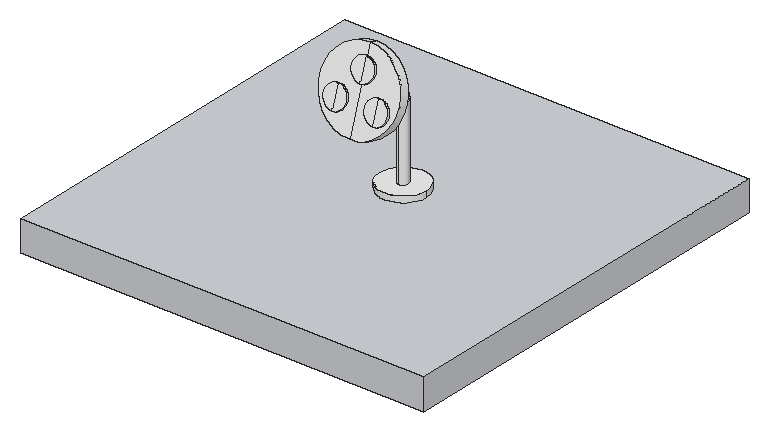
Revit family
Parameters (values of type "TS100A")
  ecoScorecard_data = ""
  ecoScorecard Product Page = ""
  Width = 6 13/16"  # constant formula
  Waste Connection = no
  Warranty URL = "http://www.totousa.com/Support/WarrantyInformation.aspx"
  Warranty = "Lifetime Limited Warranty (Residential Use); One Year Limited (Commercial Use)"  # constant formula
  WFU = 0
  Vent Connection = no
  URL = "http://www.totousa.com"
  Toto BIM Number = "BM-00108"  # constant formula
  Tempered Water Connection Diamater = Tempered Water Connection NPT * 2  # 1"
  Tempered Water Connection NPT = 1/2"
  Subcategory = "Showers"  # constant formula
  Style = "Contemporary"  # constant formula
  Spec Sheet URL = "http://www.totousa.com/Portals/0/ProductDownloads/SS-00115_TS100A.pdf"
  Shipping Weight = 8.00 lbf
  Series = "Trilogy"  # constant formula
  Product Page URL = "http://www.totousa.com/ProductDetail.aspx?ProductID=453"
  Parts Manual URL = "http://www.totousa.com/Portals/0/ProductDownloads/SS-00115_TS100A.pdf"
  Owners Manual URL = "http://www.totousa.com/Portals/0/ProductDownloads/0GU4102_SHOWERHEAD_WITH_ARM_PRNT_IM_OM.pdf"
  Model = "TS100AL"  # constant formula
  Manufacturer Toll Free Phone = "1-888-295-8134"  # constant formula
  Manufacturer Phone = "(770) 282-8686"  # constant formula
  Manufacturer Fax = "(770) 282-0002"  # constant formula
  Manufacturer Email = "mailto:custservice@totousa.com"
  Manufacturer Address = "1155 Southern Road, Morrow, Georgia 30260"  # constant formula
  Manufacturer = "TOTO USA, Inc."  # constant formula
  Installation URL = "http://www.totousa.com/Portals/0/ProductDownloads/SS-00115_TS100A.pdf"
  Hot Water Connector = "Hot Water Connection"  # constant formula
  Hot Water Connection Radius = 1/2"  # constant formula
  Hot Water Connection Diameter = Hot Water Connection Radius * 2  # 1"
  Height = 7 3/4"  # constant formula
  HWFU = 0
  HW Connection = yes
  Flow Rate = 1.750 GPM
  Finish = Metal - TOTO - Chrome - Polished
  Description = "Head Shower with Swivel Head and Rubber Nozzels"  # constant formula
  Depth = 12 3/4"  # constant formula
  Default Elevation = 0"
  Cost Info = "mailto:custservice@totousa.com"
  Color Availability = "#CP Polished Chrome"  # constant formula
  Cold Water Connector = "Cold Water Connection"  # constant formula
  Cold Water Connection Radius = 1/2"  # constant formula
  Cold Water Connection Diameter = Cold Water Connection Radius * 2  # 1"
  CWFU = 0
  CW Connection = yes
  CAD Drawing URL = "http://www.totousa.com/Portals/0/ProductDownloads/AD-00054_TS100A_AL.dxf"
  Assembly Code = "D2010710"
  95 CSI = "15416"  # constant formula
  04 CSI = "22 41 39"  # constant formula
Reference planes (in)
  plane 1 "Center (Front/Back)": y = 0
  plane 2: z = 0
  plane 3 "Center (Left/Right)": x = 0
  plane 4: x = 3.40625
  plane 5: x = -3.40625
  plane 6: y = 3.875
  plane 7: y = -3.875
  plane 8: z = 0.3937
  plane 9: y = 1.03937
  plane 10: z = 0.27559
  plane 11: x = 2.14961
  plane 12: x = -2.14961
  plane 13: z = -0.125
  plane 14: z = 12.75
Forms (in)
  Extrusion 1, solid
    sketch origin (0, 0, 0) x (1, 0, 0) y (0, 1, 0)
      loop
        line (-17.32283, 17.32283) -> (-17.32283, -17.41719) -> (17.17671, -17.41719) -> (17.17671, 17.32283) -> (-17.32283, 17.32283)
    from 0 to -2.61403
Dimensions and locks (in)
  equal spacing: plane 5, plane 3 "Center (Left/Right)", plane 4
  equal spacing: plane 7, plane 1 "Center (Front/Back)", plane 6
  "Height": plane 7 to plane 6
  "Width": plane 5 to plane 4
  locked: plane 8 to plane 2 at 0.3937
  locked: plane 1 "Center (Front/Back)" to plane 9 at 1.03937
  locked: plane 8 to plane 10 at 0.11811
  plane 12 to plane 3 "Center (Left/Right)" to plane 11 = 2.14961" locked, 2.14961" locked
  locked: plane 2 to plane 13 at 0.125
  "Depth": plane 14 to plane 2
  aligned and locked: plane 2 to Extrusion 1
  aligned and locked: level to Extrusion 1
  aligned and locked: plane 3 "Center (Left/Right)" to nested 1
  aligned and locked: nested 1 to plane 6
Automatic sketch dimensions
  Extrusion 1 sketch curve to Extrusion 1 sketch curve = 34.49954"
  Extrusion 1 sketch curve to Extrusion 1 sketch curve = 34.74002"
Nested families (in)
  nested 1: "TS100A" at (0, 1.87303, 0), type "TS100A"
Connectors (in)
  piping at (0, 2.87303, -0.25), driven by "Cold Water Connection Radius", driven by "CWFU", driven by "CW Connection", driven by "CW Connection", driven by "Cold Water Connector"
    settings: on nested 1, index 1, connector radius 1/2", flow factor 0, pipe flow 0.000 GPM, pressure drop 0.00 psi, fitting loss kfactor 0, connector angle 0.00°, fixture units 0, flow configuration 3, flow direction 1, fitting loss method 0, system type 20, connector reference index -1, connector utility 1, adjustable connector yes, is connector primary yes, fitting loss table "", connector description "Cold Water Connection"
  piping at (0, 0.87303, -0.25), driven by "HW Connection", driven by "HW Connection", driven by "HWFU", driven by "Hot Water Connector", driven by "Hot Water Connection Radius"
    settings: on nested 1, index 2, connector radius 1/2", flow factor 0, pipe flow 0.000 GPM, pressure drop 0.00 psi, fitting loss kfactor 0, connector angle 0.00°, fixture units 0, flow configuration 3, flow direction 1, fitting loss method 0, system type 19, connector reference index -1, connector utility 1, adjustable connector yes, is connector primary no, fitting loss table "", connector description "Hot Water Connection"
Definition of nested family "TS100A"
  Parameters (values of type "TS100A")
    Waste Connection = no
    WFU = 0
    Vent Connection = yes
    URL = ""
    Showerhead Material = Metal - TOTO - Chrome - Polished
    Nominal Width = 6 13/16"
    Nominal Length = 12 3/4"
    Nominal Height = 7 3/4"
    Model = ""
    Manufacturer = ""
    HWFU = 0
    HW Connection = yes
    Description = ""
    Default Elevation = 0"
    CWFU = 0
    CW Connection = yes
    Assembly Code = ""
  Reference planes (in)
    plane 1 "Center (Front/Back)": y = 0
    plane 2: z = 0
    plane 3 "Center (Left/Right)": x = 0
    plane 4: y = -4.25
    plane 5: z = 9.375
    plane 6: z = 7.5
    plane 7: z = 12.75
    plane 8: y = -5.74803
    plane 9: y = 0.42775
    plane 10: x = -3.40625
    plane 11: x = 3.40625
    plane 12: y = 2.00197
  Forms (in)
    Extrusion 1, solid
      sketch origin (0, 0, 0) x (1, 0, 0) y (0, 1, 0)
        loop
          line (-48, 48) -> (-48, -48) -> (48, -48) -> (48, 48) -> (-48, 48)
      from 0 to -12
    Extrusion 2, solid, material "Metal - TOTO - Chrome - Polished" <- "Showerhead Material"
      sketch origin (0, 0, 0) x (1, 0, 0) y (0, 1, 0)
        loop
          circle (0, 0) r 2
      from 0 to 0.5
    Sweep 3, solid, material "Metal - TOTO - Chrome - Polished" <- "Showerhead Material", detail levels fine
      path origin (0, 0, 0) x (0, 1, 0) y (0, 0, 1)
        loop
          line (0, 0.5) -> (0, 6.85567)
          arc (0, 6.85567) -> (-0.28052, 7.72909) -> (-1.01715, 8.27583) r 1.5
          line (-1.01715, 8.27583) -> (-1.9699, 8.59977)
      profile origin (0, 0, 3.67784) x (0, -1, 0) y (1, 0, 0)
        loop
          circle (0, 0) r 0.42
    Extrusion 4, solid, material "Metal - TOTO - Chrome - Polished" <- "Showerhead Material"
      sketch origin (0, 0, 0) x (1, 0, 0) y (0, 1, 0)
        loop
          circle (0, 1) r 0.5
        loop
          circle (0, -1) r 0.5
      from 0 to -0.25
    Revolve 5, solid, material "Metal - TOTO - Chrome - Polished" <- "Showerhead Material"
      sketch origin (0, 0, 0.01677) x (0, 1, 0) y (0, 0, 1)
        loop
          line (-3.55185, 12.73323) -> (-4.65279, 9.49518) -> (-3.86874, 9.22861) -> (-2.76781, 12.46666) -> (-3.55185, 12.73323)
        axis (-4.65279, 9.49518) -> (-3.86874, 9.22861)
      angle from 0 to 360
    Revolve 6, solid, material "Metal - TOTO - Chrome - Polished" <- "Showerhead Material", detail levels fine
      sketch origin (0, 0.2125, 0.58777) x (0, 1, 0) y (0, 0, 1)
        loop
          line (-4.38186, 10.34603) -> (-4.05996, 11.2928) -> (-4.17831, 11.33304) -> (-4.50021, 10.38627) -> (-4.38186, 10.34603)
        axis (-4.50021, 10.38627) -> (-4.38186, 10.34603)
      angle from 0 to 360
    Revolve 7, solid, material "Metal - TOTO - Chrome - Polished" <- "Showerhead Material", detail levels fine
      sketch origin (-1.75, -0.62576, -1.7527) x (0, 1, 0) y (0, 0, 1)
        loop
          line (-4.34377, 10.33308) -> (-4.02186, 11.27985) -> (-4.14021, 11.32009) -> (-4.46211, 10.37331) -> (-4.34377, 10.33308)
        axis (-4.46211, 10.37331) -> (-4.34377, 10.33308)
      angle from 0 to 360
    Revolve 8, solid, material "Metal - TOTO - Chrome - Polished" <- "Showerhead Material", detail levels fine
      sketch origin (1.75, -0.62576, -1.7527) x (0, 1, 0) y (0, 0, -1)
        loop
          line (-4.34377, -10.33308) -> (-4.46211, -10.37331) -> (-4.14021, -11.32009) -> (-4.02186, -11.27985) -> (-4.34377, -10.33308)
        axis (-4.46211, -10.37331) -> (-4.34377, -10.33308)
      angle from 0 to 360
    Extrusion 9, solid, material "Metal - TOTO - Chrome - Polished" <- "Showerhead Material", detail levels coarse+medium
      sketch origin (0, 0, 0) x (0, 1, 0) y (0, 0, 1)
        loop
          line (-3.62817, 9.95293) -> (-4.11103, 8.53278) -> (-0.75, 7.39003) -> (-0.75, 0.5) -> (0.75, 0.5) -> (0.75, 8.46436) -> (-3.62817, 9.95293)
      from 0.83051 to -0.82396
    Revolve 10, solid, material "Metal - TOTO - Chrome - Polished" <- "Showerhead Material", detail levels fine
      sketch origin (0, 0, 0) x (0, 1, 0) y (0, 0, 1)
        loop
          line (-1.80981, 9.07064) -> (-2.18704, 9.19889) -> (-2.25263, 9.17928)
          arc (-2.25263, 9.17928) -> (-2.24804, 9.28666) -> (-2.22302, 9.39119) r 0.55975
          line (-2.22302, 9.39119) -> (-2.22302, 9.47518) -> (-3.43956, 9.88881) -> (-3.50369, 9.70019) -> (-3.65222, 9.70019) -> (-3.70769, 9.71905) -> (-3.86874, 9.24537) -> (-1.9699, 8.59977) -> (-1.80981, 9.07064)
        axis (-1.9699, 8.59977) -> (-3.86874, 9.24537)
      angle from 0 to 360
  Lines and regions (in)
    symbolic lines
      curve 1: arc (0.83051, -1.81941, 0) -> (-0.0036, 2, 0) -> (-0.82396, -1.82239, 0) r 2
      curve 16: spline (-3.40359, -3.86874, 0) -> (-3.28762, -3.58518, 0) -> (-2.9476, -3.32093, 0) -> (-2.4067, -3.09402, 0) -> (-1.70179, -2.91991, 0) -> (-0.88091, -2.81045, 0) -> (0, -2.77312, 0) -> (0.88091, -2.81045, 0) -> (1.70179, -2.91991, 0) -> (2.4067, -3.09402, 0) -> (2.9476, -3.32093, 0) -> (3.28762, -3.58518, 0) -> (3.40359, -3.86874, 0)
      curve 17: spline (3.40359, -4.65279, 0) -> (3.28762, -4.93636, 0) -> (2.9476, -5.2006, 0) -> (2.4067, -5.42751, 0) -> (1.70179, -5.60163, 0) -> (0.88091, -5.71108, 0) -> (0, -5.74842, 0) -> (-0.88091, -5.71108, 0) -> (-1.70179, -5.60163, 0) -> (-2.4067, -5.42751, 0) -> (-2.9476, -5.2006, 0) -> (-3.28762, -4.93636, 0) -> (-3.40359, -4.65279, 0)
      curve 18: line (-3.40359, -4.65279, 0) -> (-3.40359, -3.86874, 0)
      curve 19: line (3.40359, -4.65279, 0) -> (3.40359, -3.86874, 0)
      curve 20: spline (-3.40359, -4.65279, 0) -> (-3.28762, -4.36922, 0) -> (-2.9476, -4.10498, 0) -> (-2.4067, -3.87807, 0) -> (-1.70179, -3.70395, 0) -> (-0.88091, -3.5945, 0) -> (0, -3.55717, 0) -> (0.88091, -3.5945, 0) -> (1.70179, -3.70395, 0) -> (2.4067, -3.87807, 0) -> (2.9476, -4.10498, 0) -> (3.28762, -4.36922, 0) -> (3.40359, -4.65279, 0)
      curve 33: spline (-0.82396, 0, 6.1188) -> (-2.26305, 0, 6.84147) -> (-3.1847, 0, 8.11679) -> (-3.37818, 0, 9.65317) -> (-2.79926, 0, 11.09931) -> (-1.58029, 0, 12.12457) -> (0, 0, 12.49452) -> (1.58029, 0, 12.12457) -> (2.79926, 0, 11.09931) -> (3.37818, 0, 9.65317) -> (3.1847, 0, 8.11679) -> (2.26305, 0, 6.84147) -> (0.82396, 0, 6.1188)
      curve 34: spline (-3.40359, 0, 9.51195) -> (-3.28762, 0, 10.34597) -> (-2.9476, 0, 11.12316) -> (-2.4067, 0, 11.79055) -> (-1.70179, 0, 12.30265) -> (-0.88091, 0, 12.62457) -> (0, 0, 12.73437) -> (0.88091, 0, 12.62457) -> (1.70179, 0, 12.30265) -> (2.4067, 0, 11.79055) -> (2.9476, 0, 11.12316) -> (3.28762, 0, 10.34597) -> (3.40359, 0, 9.51195)
      curve 41: line (2, 0, 0.5) -> (-2, 0, 0.5)
      curve 42: line (-2, 0, 0.5) -> (-2, 0, 0)
      curve 43: line (2, 0, 0.5) -> (2, 0, 0)
      curve 44: line (2, 0, 0) -> (-2, 0, 0)
      curve 54: line (0, 2.00197, 0.5) -> (0, -2, 0.5)
      curve 55: line (0, 2.00197, 0.5) -> (0, 2.00197, 0)
      curve 56: line (0, -2, 0.5) -> (0, -2, 0)
      curve 57: line (0, 2.00197, 0) -> (0, -2, 0)
      curve 62: line (0, -4.96437, 6.03857) -> (0, -2.77312, 12.48342)
      curve 63: line (0, -2.77312, 12.48342) -> (0, -3.55717, 12.75)
      curve 64: line (0, -3.55717, 12.75) -> (0, -5.74842, 6.30515)
      curve 65: line (0, -5.74842, 6.30515) -> (0, -4.96437, 6.03857)
    symbolic lines, detail levels fine
      curve 2: arc (0.48338, -1.94071, 0) -> (0.65974, -1.88805, 0) -> (0.83051, -1.81941, 0) r 2
      curve 3: arc (-0.47422, -1.94297, 0) -> (-0.65188, -1.89078, 0) -> (-0.82396, -1.82239, 0) r 2
      curve 7: line (0.74975, -2.47142, 0) -> (0.74975, -2.81784, 0)
      curve 8: line (-0.74975, -2.47142, 0) -> (-0.74975, -2.81784, 0)
      curve 9: arc (-0.74975, -2.47142, 0) -> (0, -2.21024, 0) -> (0.74975, -2.47142, 0) r 1.20671
      curve 10: arc (-0.50047, -1.96426, 0) -> (0.0018, -1.77855, 0) -> (0.50605, -1.95879, 0) r 0.78358
      curve 11: line (-0.50047, -1.96426, 0) -> (-0.50047, -2.31891, 0)
      curve 12: line (0.50605, -1.95879, 0) -> (0.50605, -2.32147, 0)
      curve 13: line (0.43322, -1.90522, 0) -> (0.43322, -0.00433, 0)
      curve 14: line (-0.43322, -1.91324, 0) -> (-0.43322, -0.00433, 0)
      curve 15: arc (-0.43322, -0.00433, 0) -> (0, 0.4289, 0) -> (0.43322, -0.00433, 0) r 0.43322
      curve 21: spline (2.75, -5.08787, 0) -> (2.71593, -5.17119, 0) -> (2.61603, -5.24882, 0) -> (2.45711, -5.31549, 0) -> (2.25, -5.36665, 0) -> (2.00882, -5.39881, 0) -> (1.75, -5.40978, 0) -> (1.49118, -5.39881, 0) -> (1.25, -5.36665, 0) -> (1.04289, -5.31549, 0) -> (0.88397, -5.24882, 0) -> (0.78407, -5.17119, 0) -> (0.75, -5.08787, 0) -> (0.78407, -5.00456, 0) -> (0.88397, -4.92692, 0) -> (1.04289, -4.86025, 0) -> (1.25, -4.8091, 0) -> (1.49118, -4.77694, 0) -> (1.75, -4.76597, 0) -> (2.00882, -4.77694, 0) -> (2.25, -4.8091, 0) -> (2.45711, -4.86025, 0) -> (2.61603, -4.92692, 0) -> (2.71593, -5.00456, 0) -> (2.75, -5.08787, 0)
      curve 22: spline (0.75, -4.96953, 0) -> (0.78407, -4.88621, 0) -> (0.88397, -4.80858, 0) -> (1.04289, -4.74191, 0) -> (1.25, -4.69075, 0) -> (1.49118, -4.65859, 0) -> (1.75, -4.64762, 0) -> (2.00882, -4.65859, 0) -> (2.25, -4.69075, 0) -> (2.45711, -4.74191, 0) -> (2.61603, -4.80858, 0) -> (2.71593, -4.88621, 0) -> (2.75, -4.96953, 0)
      curve 23: line (0.75, -5.08787, 0) -> (0.75, -4.96953, 0)
      curve 24: line (2.75, -5.08787, 0) -> (2.75, -4.96953, 0)
      curve 25: spline (1, -4.2892, 0) -> (0.96593, -4.37251, 0) -> (0.86603, -4.45015, 0) -> (0.70711, -4.51682, 0) -> (0.5, -4.56797, 0) -> (0.25882, -4.60013, 0) -> (0, -4.6111, 0) -> (-0.25882, -4.60013, 0) -> (-0.5, -4.56797, 0) -> (-0.70711, -4.51682, 0) -> (-0.86603, -4.45015, 0) -> (-0.96593, -4.37251, 0) -> (-1, -4.2892, 0) -> (-0.96593, -4.20588, 0) -> (-0.86603, -4.12825, 0) -> (-0.70711, -4.06158, 0) -> (-0.5, -4.01042, 0) -> (-0.25882, -3.97826, 0) -> (0, -3.9673, 0) -> (0.25882, -3.97826, 0) -> (0.5, -4.01042, 0) -> (0.70711, -4.06158, 0) -> (0.86603, -4.12825, 0) -> (0.96593, -4.20588, 0) -> (1, -4.2892, 0)
      curve 26: spline (-1, -4.17085, 0) -> (-0.96593, -4.08754, 0) -> (-0.86603, -4.0099, 0) -> (-0.70711, -3.94323, 0) -> (-0.5, -3.89208, 0) -> (-0.25882, -3.85992, 0) -> (0, -3.84895, 0) -> (0.25882, -3.85992, 0) -> (0.5, -3.89208, 0) -> (0.70711, -3.94323, 0) -> (0.86603, -4.0099, 0) -> (0.96593, -4.08754, 0) -> (1, -4.17085, 0)
      curve 27: line (-1, -4.2892, 0) -> (-1, -4.17085, 0)
      curve 28: line (1, -4.2892, 0) -> (1, -4.17085, 0)
      curve 29: spline (-0.75, -5.08787, 0) -> (-0.78407, -5.17119, 0) -> (-0.88397, -5.24882, 0) -> (-1.04289, -5.31549, 0) -> (-1.25, -5.36665, 0) -> (-1.49118, -5.39881, 0) -> (-1.75, -5.40978, 0) -> (-2.00882, -5.39881, 0) -> (-2.25, -5.36665, 0) -> (-2.45711, -5.31549, 0) -> (-2.61603, -5.24882, 0) -> (-2.71593, -5.17119, 0) -> (-2.75, -5.08787, 0) -> (-2.71593, -5.00456, 0) -> (-2.61603, -4.92692, 0) -> (-2.45711, -4.86025, 0) -> (-2.25, -4.8091, 0) -> (-2.00882, -4.77694, 0) -> (-1.75, -4.76597, 0) -> (-1.49118, -4.77694, 0) -> (-1.25, -4.8091, 0) -> (-1.04289, -4.86025, 0) -> (-0.88397, -4.92692, 0) -> (-0.78407, -5.00456, 0) -> (-0.75, -5.08787, 0)
      curve 30: spline (-2.75, -4.96953, 0) -> (-2.71593, -4.88621, 0) -> (-2.61603, -4.80858, 0) -> (-2.45711, -4.74191, 0) -> (-2.25, -4.69075, 0) -> (-2.00882, -4.65859, 0) -> (-1.75, -4.64762, 0) -> (-1.49118, -4.65859, 0) -> (-1.25, -4.69075, 0) -> (-1.04289, -4.74191, 0) -> (-0.88397, -4.80858, 0) -> (-0.78407, -4.88621, 0) -> (-0.75, -4.96953, 0)
      curve 31: line (-2.75, -5.08787, 0) -> (-2.75, -4.96953, 0)
      curve 32: line (-0.75, -5.08787, 0) -> (-0.75, -4.96953, 0)
      curve 35: spline (-0.42, 0, 6.04758) -> (-0.45398, 0, 6.05174) -> (-0.48791, 0, 6.05623) -> (-0.5218, 0, 6.06104) -> (-0.55563, 0, 6.06618) -> (-0.5894, 0, 6.07163) -> (-0.62312, 0, 6.07741) -> (-0.65677, 0, 6.08351) -> (-0.69035, 0, 6.08993) -> (-0.72387, 0, 6.09667) -> (-0.75731, 0, 6.10373) -> (-0.79068, 0, 6.1111) -> (-0.82396, 0, 6.1188)
      curve 36: spline (0.42, 0, 6.04758) -> (0.45398, 0, 6.05174) -> (0.48791, 0, 6.05623) -> (0.5218, 0, 6.06104) -> (0.55563, 0, 6.06618) -> (0.5894, 0, 6.07163) -> (0.62312, 0, 6.07741) -> (0.65677, 0, 6.08351) -> (0.69035, 0, 6.08993) -> (0.72387, 0, 6.09667) -> (0.75731, 0, 6.10373) -> (0.79068, 0, 6.1111) -> (0.82396, 0, 6.1188)
      curve 45: spline (-0.74734, 0, 9.18124) -> (-0.72187, 0, 9.36437) -> (-0.64722, 0, 9.53502) -> (-0.52845, 0, 9.68157) -> (-0.37367, 0, 9.79401) -> (-0.19343, 0, 9.8647) -> (0, 0, 9.88881) -> (0.19343, 0, 9.8647) -> (0.37367, 0, 9.79401) -> (0.52845, 0, 9.68157) -> (0.64722, 0, 9.53502) -> (0.72187, 0, 9.36437) -> (0.74734, 0, 9.18124)
      curve 46: spline (-0.42, 0, 8.18237) -> (-0.63718, 0, 8.39786) -> (-0.74144, 0, 8.67889) -> (-0.71431, 0, 8.97563) -> (-0.56061, 0, 9.23552) -> (-0.30755, 0, 9.41249) -> (0, 0, 9.47518) -> (0.30755, 0, 9.41249) -> (0.56061, 0, 9.23552) -> (0.71431, 0, 8.97563) -> (0.74144, 0, 8.67889) -> (0.63718, 0, 8.39786) -> (0.42, 0, 8.18237)
      curve 47: spline (-0.42, 0, 8.26734) -> (-0.59223, 0, 8.46672) -> (-0.66617, 0, 8.71459) -> (-0.62957, 0, 8.96982) -> (-0.48849, 0, 9.19004) -> (-0.26634, 0, 9.33872) -> (0, 0, 9.39119) -> (0.26634, 0, 9.33872) -> (0.48849, 0, 9.19004) -> (0.62957, 0, 8.96982) -> (0.66617, 0, 8.71459) -> (0.59223, 0, 8.46672) -> (0.42, 0, 8.26734)
      curve 48: spline (-0.42, 0, 8.34759) -> (-0.4865, 0, 8.50199) -> (-0.49199, 0, 8.66865) -> (-0.43579, 0, 8.82667) -> (-0.32493, 0, 8.95624) -> (-0.17333, 0, 9.04111) -> (0, 0, 9.07064) -> (0.17333, 0, 9.04111) -> (0.32493, 0, 8.95624) -> (0.43579, 0, 8.82667) -> (0.49199, 0, 8.66865) -> (0.4865, 0, 8.50199) -> (0.42, 0, 8.34759)
      curve 49: spline (0.42, 0, 8.59977) -> (0.40569, 0, 8.70269) -> (0.36373, 0, 8.79859) -> (0.29698, 0, 8.88094) -> (0.21, 0, 8.94414) -> (0.1087, 0, 8.98386) -> (0, 0, 8.99741) -> (-0.1087, 0, 8.98386) -> (-0.21, 0, 8.94414) -> (-0.29698, 0, 8.88094) -> (-0.36373, 0, 8.79859) -> (-0.40569, 0, 8.70269) -> (-0.42, 0, 8.59977)
      curve 50: line (-0.74734, 0, 9.18124) -> (-0.74734, 0, 8.76762)
      curve 51: line (0.74734, 0, 9.18124) -> (0.74734, 0, 8.76762)
      curve 52: line (0.42, 0, 8.59977) -> (0.42, 0, 0.5)
      curve 53: line (-0.42, 0, 8.59977) -> (-0.42, 0, 0.5)
      curve 66: line (0, -4.77128, 9.56738) -> (0, -5.41509, 7.67384)
      curve 67: line (0, -5.41509, 7.67384) -> (0, -5.29674, 7.6336)
      curve 68: line (0, -4.65294, 9.52715) -> (0, -4.77128, 9.56738)
      curve 69: line (0, -3.96581, 11.93643) -> (0, -4.60961, 10.04289)
      curve 70: line (0, -4.60961, 10.04289) -> (0, -4.49127, 10.00265)
      curve 71: line (0, -3.84746, 11.89619) -> (0, -3.96581, 11.93643)
      curve 72: line (0, -4.03456, 8.77331) -> (0, -3.97432, 8.75283)
      curve 73: line (0, -3.97432, 8.75283) -> (0, -3.85657, 8.6623)
      curve 74: line (0, -3.9207, 8.47368) -> (0, -2.70416, 8.06006)
      curve 75: line (0, -2.70416, 8.06006) -> (0, -2.54727, 8.31269)
      curve 76: line (0, -2.54727, 8.31269) -> (0, -2.50723, 8.25716)
      curve 77: line (0, -2.50723, 8.25716) -> (0, -2.13, 8.1289)
      curve 78: line (0, -2.1051, 8.20212) -> (0, -1.0981, 7.85974)
      curve 79: line (0, -0.42, 0.5) -> (0, -0.42, 6.91297)
      curve 80: arc (0, -0.42, 6.91297) -> (0, -0.60701, 7.49525) -> (0, -1.0981, 7.85974) r 1
      curve 81: line (0, -1.80981, 9.07064) -> (0, -2.13, 8.1289)
      curve 82: line (0, -2.50723, 8.25716) -> (0, -2.18704, 9.19889)
      curve 83: line (0, -2.54727, 8.31269) -> (0, -2.25263, 9.17928)
      curve 84: line (0, -2.65296, 8.12664) -> (0, -2.22302, 9.39119)
      curve 85: line (0, -2.70416, 8.06006) -> (0, -2.22302, 9.47518)
      curve 86: line (0, -3.43956, 9.88881) -> (0, -3.9207, 8.47368)
      curve 87: line (0, -3.97432, 8.75283) -> (0, -3.65222, 9.70019)
      curve 88: line (0, -3.71246, 9.72067) -> (0, -3.65222, 9.70019)
      curve 89: line (0, -3.65222, 9.70019) -> (0, -3.50369, 9.70019)
      curve 90: line (0, -3.43956, 9.88881) -> (0, -2.22302, 9.47518)
      curve 91: line (0, -2.22302, 9.47518) -> (0, -2.25263, 9.17928)
      curve 92: line (0, -2.25263, 9.17928) -> (0, -2.18704, 9.19889)
      curve 93: line (0, -2.18704, 9.19889) -> (0, -1.80981, 9.07064)
      curve 94: line (0, -1.83471, 8.99741) -> (0, -0.90466, 8.6812)
      curve 95: line (0, 0.42, 0.5) -> (0, 0.42, 6.83168)
      curve 96: arc (0, 0.42, 6.83168) -> (0, 0.05468, 7.96916) -> (0, -0.90466, 8.6812) r 1.95349
    symbolic lines, detail levels coarse+medium
      curve 4: line (0.83051, -2.82597, 0) -> (0.83051, 0.75, 0)
      curve 5: line (-0.82396, 0.75, 0) -> (-0.82396, -2.82597, 0)
      curve 6: line (0.83051, 0.75, 0) -> (-0.82396, 0.75, 0)
      curve 37: line (-0.82396, 0, 9.95293) -> (-0.82396, 0, 0.5)
      curve 38: line (0.83051, 0, 0.5) -> (0.83051, 0, 9.95293)
      curve 39: line (-0.82396, 0, 9.95293) -> (0.83051, 0, 9.95293)
      curve 40: line (0.83051, 0, 8.46436) -> (-0.82396, 0, 8.46436)
      curve 58: line (0, 0.75, 8.46436) -> (0, 0.75, 0.5)
      curve 59: line (0, -0.75, 0.5) -> (0, -0.75, 7.40565)
      curve 60: line (0, -0.75, 7.40565) -> (0, -4.11103, 8.5484)
      curve 61: line (0, -3.63294, 9.95455) -> (0, 0.75, 8.46436)
  Dimensions and locks (in)
    locked: plane 1 "Center (Front/Back)" to Extrusion 2 sketch curve at 0
    locked: plane 3 "Center (Left/Right)" to Extrusion 2 sketch curve at 0
    locked: Extrusion 2 to plane 2 at 0.5
    plane 1 "Center (Front/Back)" to Extrusion 4 sketch curve = 1"
    locked: plane 3 "Center (Left/Right)" to Extrusion 4 sketch curve at 0
    locked: Extrusion 4 to plane 2 at 0.25
    locked: plane 5 to Extrusion 4 at 9.625
    locked: plane 4 to plane 1 "Center (Front/Back)" at 4.25
    locked: Sweep 3 sketch curve to level at 0.5
    locked: Sweep 3 sketch curve to Sweep 3 sketch curve at 6.35567
    Sweep 3 sketch curve to Sweep 3 sketch curve to plane 1 "Center (Front/Back)" = 0.95276", 1.01715" locked
    locked: plane 1 "Center (Front/Back)" to Sweep 3 sketch curve at 0
    locked: plane 3 "Center (Left/Right)" to Sweep 3 sketch curve at 0
    plane 6 to plane 5 = 3.14329"
    locked: Revolve 5 sketch curve to Revolve 5 sketch curve at 0.82813
    locked: Revolve 6 sketch curve to Revolve 6 sketch curve at 1
    locked: Revolve 6 sketch curve to Revolve 5 at 0.125
    locked: Revolve 7 sketch curve to Revolve 7 sketch curve at 1
    locked: Revolve 8 sketch curve to Revolve 8 sketch curve at 1
    locked: Revolve 8 sketch curve to Revolve 5 at 0.125
    locked: Revolve 7 sketch curve to Revolve 7 sketch curve at 0.125
    "Nominal Length": plane 7 to plane 2
    Sweep 3 sketch curve to plane 9 = 0.00775"
    equal spacing: plane 10, plane 3 "Center (Left/Right)", plane 11
    "Nominal Width": plane 10 to plane 11
    "Nominal Height": plane 8 to plane 12
    Revolve 10 sketch curve to Revolve 10 sketch curve to Revolve 10 sketch curve to Revolve 10 sketch curve = 1.31198", 0.09596", 51/128" locked
    Revolve 10 sketch curve to Revolve 10 sketch curve to Revolve 10 sketch curve to Revolve 10 sketch curve to Revolve 10 sketch curve = 0.03969", 0.00297" locked, 0.04781" locked, 51/256" locked
    aligned and locked: plane 2 to Extrusion 1
    aligned and locked: level to Extrusion 1
    aligned and locked: Sweep 3 sketch curve to Extrusion 2
    aligned and locked: Revolve 6 sketch curve to Revolve 6 sketch curve  (x2)
    aligned and locked: Revolve 5 to Revolve 6
    aligned and locked: Revolve 6 sketch curve to Revolve 5
    aligned and locked: Revolve 7 sketch curve to Revolve 7 sketch curve  (x2)
    aligned and locked: Revolve 8 sketch curve to Revolve 8 sketch curve  (x2)
    aligned and locked: Revolve 8 to Revolve 5
    aligned and locked: Revolve 5 to Revolve 7
    aligned and locked: Revolve 8 sketch curve to Revolve 5
    aligned and locked: plane 7 to Revolve 5
    aligned: plane 8 to Revolve 5
    aligned and locked: Extrusion 2 to Sweep 3
  Automatic sketch dimensions
    curve 1 to curve 2 = 0"  (x2)
    curve 1 to curve 3 = 0"  (x2)
    curve 2 to curve 3 = 0"  (x2)
    plane 1 "Center (Front/Back)" to curve 3 = 0"
    curve 3 to plane 3 "Center (Left/Right)" = 0"
    curve 20 to plane 3 "Center (Left/Right)" = 0"
    curve 16 to plane 3 "Center (Left/Right)" = 0"
    curve 9 to plane 3 "Center (Left/Right)" = 0"
    curve 25 to plane 3 "Center (Left/Right)" = 0"
    curve 15 to plane 3 "Center (Left/Right)" = 0"
    plane 1 "Center (Front/Back)" to curve 14 = 0.00433"
    curve 14 to plane 3 "Center (Left/Right)" = 0.43322"
    curve 3 to curve 14 = 0.04099"
    curve 11 to curve 3 = 0.02626"
    curve 8 to curve 11 = 0.24928"
    curve 30 to plane 3 "Center (Left/Right)" = 3/4"
    curve 5 to plane 9 = 0.32225"
    curve 5 to plane 3 "Center (Left/Right)" = 0.82396"
    curve 1 to curve 11 = 0.32349"
    plane 4 to curve 27 = 0.0392"
    curve 27 to curve 32 = 1/4"
    curve 29 to plane 8 = 169/256"
    curve 29 to curve 32 = 1"
    curve 17 to plane 10 = 0.00266"
    curve 20 to curve 17 = 0"
    plane 3 "Center (Left/Right)" to curve 10 = 0.00605"
    curve 13 to curve 2 = 0.05016"
    curve 2 to curve 12 = 0.02267"
    curve 12 to curve 7 = 0.2437"
    curve 23 to curve 25 = 1/4"
    curve 10 to curve 2 = 0.32446"
    plane 3 "Center (Left/Right)" to curve 6 = 0.83051"
    plane 4 to curve 22 = 0.71953"
    curve 23 to curve 22 = 1"
    curve 24 to curve 22 = 0.11835"
    curve 31 to plane 8 = 169/256"
    curve 23 to curve 23 = 0.11835"
    curve 32 to curve 29 = 0"
    curve 21 to curve 22 = 0.11835"
    curve 32 to curve 30 = 0.11835"
    plane 4 to curve 20 = 0.40279"
    curve 19 to curve 20 = 0"
    plane 4 to curve 25 = 0.0392"
    curve 28 to curve 25 = 0"
    curve 27 to plane 4 = 0.07915"
    curve 16 to plane 4 = 0.38126"
    curve 16 to curve 9 = 0.4518"
    curve 9 to curve 5 = 0.59098"
    curve 9 to curve 4 = 0.59098"
    curve 5 to curve 8 = 0.00813"
    curve 4 to curve 7 = 0.00813"
    curve 7 to curve 10 = 0.25572"
    curve 7 to curve 7 = 0.34642"
    Extrusion 1 sketch curve to Extrusion 1 sketch curve = 96"  (x2)
    curve 42 to level = 0"
    curve 34 to plane 3 "Center (Left/Right)" = 0"
    curve 48 to plane 3 "Center (Left/Right)" = 0"
    curve 35 to plane 3 "Center (Left/Right)" = 0"
    curve 46 to plane 3 "Center (Left/Right)" = 0"
    curve 49 to plane 3 "Center (Left/Right)" = 0"
    curve 47 to plane 3 "Center (Left/Right)" = 0"
    curve 33 to plane 3 "Center (Left/Right)" = 0"
    curve 36 to plane 3 "Center (Left/Right)" = 0"
    curve 53 to plane 3 "Center (Left/Right)" = 0.42"
    curve 47 to curve 49 = 0.24782"
    curve 45 to plane 5 = 0.19376"
    curve 45 to curve 47 = 0.07952"
    curve 35 to curve 35 = 0.40396"
    curve 40 to curve 50 = 0.07662"
    curve 44 to curve 37 = 1.17604"
    curve 36 to plane 10 = 0.00266"
    curve 34 to plane 10 = 0.00266"
    curve 52 to curve 48 = 0.07734"
    curve 36 to curve 36 = 0.40396"
    curve 52 to curve 38 = 0.41051"
    curve 38 to curve 43 = 1.16949"
    curve 35 to plane 11 = 0.00266"
    curve 33 to plane 11 = 0.00266"
    level to curve 43 = 1/2"
    curve 35 to plane 6 = 1.45242"
    curve 36 to curve 35 = 0"
    curve 36 to curve 36 = 0.07122"
    plane 6 to curve 46 = 0.68237"
    curve 46 to curve 47 = 0.08498"
    curve 47 to curve 48 = 0.08025"
    curve 48 to curve 40 = 0.11677"
    curve 48 to curve 52 = 0.25218"
    curve 48 to curve 49 = 0"
    curve 49 to curve 47 = 0.15915"
    curve 48 to curve 46 = 0.16785"
    curve 51 to curve 46 = 0"
    curve 47 to curve 50 = 0.0087"
    curve 35 to curve 33 = 0.01316"
    plane 5 to curve 34 = 0.13695"
    plane 5 to curve 39 = 0.57793"
    Sweep 3 sketch curve to Sweep 3 sketch curve = 0.48285"
    Sweep 3 sketch curve to plane 5 = 0.77523"
    Revolve 5 sketch curve to plane 7 = 0"
    plane 5 to Revolve 5 sketch curve = 0.13695"
    plane 4 to Revolve 5 sketch curve = 0.40279"
    plane 5 to Revolve 5 sketch curve = 0.13329"
    Revolve 5 sketch curve to Revolve 5 sketch curve = 0.01077"
    Revolve 5 sketch curve to plane 4 = 0.38126"
    Revolve 5 sketch curve to plane 5 = 0.51052"
    Revolve 5 sketch curve to Revolve 5 sketch curve = 1.12027"
    plane 4 to Revolve 6 sketch curve = 0.03771"
    plane 4 to Revolve 6 sketch curve = 0.0156"
    Revolve 7 sketch curve to plane 8 = 0.64417"
    Revolve 7 sketch curve to Revolve 7 sketch curve = 0.01598"
    Revolve 7 sketch curve to Revolve 7 sketch curve = 0.11835"
    Revolve 7 sketch curve to plane 5 = 0.79463"
    Revolve 8 sketch curve to plane 8 = 0.64417"
    Revolve 8 sketch curve to Revolve 8 sketch curve = 0.01598"
    Extrusion 9 sketch curve to plane 4 = 0.13897"
    Extrusion 9 sketch curve to plane 4 = 0.62183"
    Extrusion 9 sketch curve to plane 6 = 0.10997"
    plane 1 "Center (Front/Back)" to Extrusion 9 sketch curve = 3/4"
    Extrusion 9 sketch curve to plane 9 = 0.32225"
    level to Extrusion 9 sketch curve = 1/2"
    Extrusion 9 sketch curve to plane 5 = 0.91064"
    Revolve 10 sketch curve to plane 5 = 0.12963"
    Revolve 10 sketch curve to plane 4 = 0.38126"
    plane 5 to Revolve 10 sketch curve = 0.34405"
    Revolve 10 sketch curve to Revolve 10 sketch curve = 0.16105"
    plane 5 to Revolve 10 sketch curve = 0.32519"
    level to Revolve 10 sketch curve = 9.88881"
    Revolve 10 sketch curve to plane 5 = 0.35633"
    Revolve 10 sketch curve to Revolve 10 sketch curve = 0.66676"
    Revolve 10 sketch curve to plane 5 = 0.48129"
    Revolve 10 sketch curve to Revolve 10 sketch curve = 0.36756"
    Revolve 10 sketch curve to Revolve 10 sketch curve = 0.06559"
    plane 5 to Revolve 10 sketch curve = 0.01619"
    Revolve 10 sketch curve to plane 5 = 0.16581"
    curve 63 to plane 7 = 0"
    curve 57 to level = 0"
    curve 55 to plane 12 = 0"
    curve 61 to plane 9 = 0.32225"
    plane 9 to curve 95 = 0.00775"
    plane 1 "Center (Front/Back)" to curve 79 = 0.42"
    curve 59 to curve 79 = 0.33"
    plane 1 "Center (Front/Back)" to curve 96 = 0.90466"
    plane 6 to curve 78 = 0.35974"
    curve 78 to curve 59 = 0.3481"
    curve 80 to plane 6 = 0.58703"
    curve 96 to curve 80 = 0.11349"
    curve 93 to plane 5 = 0.30436"
    curve 93 to curve 96 = 0.90515"
    curve 94 to plane 5 = 0.37759"
    curve 94 to curve 81 = 0.0249"
    curve 56 to curve 59 = 1 1/4"
    plane 6 to curve 81 = 161/256"
    curve 82 to plane 5 = 0.17611"
    plane 5 to curve 90 = 0.10018"
    curve 90 to curve 82 = 0.03598"
    plane 5 to curve 84 = 0.01619"
    curve 84 to curve 90 = 0"
    plane 5 to curve 85 = 0.10018"
    curve 85 to curve 90 = 0"
    curve 91 to plane 5 = 0.19572"
    curve 91 to curve 82 = 0.06559"
    plane 6 to curve 76 = 0.81269"
    curve 76 to curve 76 = 0.04004"
    plane 6 to curve 84 = 0.62664"
    curve 84 to curve 76 = 0.14573"
    plane 6 to curve 85 = 0.56006"
    curve 85 to curve 84 = 0.0512"
    curve 62 to plane 7 = 0.26658"
    curve 62 to plane 4 = 1.47688"
    plane 5 to curve 86 = 0.51381"
    curve 90 to curve 86 = 0"  (x2)
    curve 89 to curve 90 = 0.06413"
    curve 89 to curve 89 = 0.14853"
    curve 71 to plane 4 = 0.40254"
    curve 74 to curve 73 = 0.06413"
    curve 71 to curve 71 = 0.11835"
    curve 73 to curve 73 = 0.11775"
    curve 60 to plane 4 = 0.13897"
    plane 4 to curve 70 = 0.24127"
    plane 5 to curve 68 = 0.15215"
    plane 5 to curve 66 = 0.19238"
    plane 4 to curve 65 = 0.71437"
    plane 6 to curve 67 = 0.1336"
    curve 56 to curve 56 = 1/2"
    Extrusion 4 sketch curve to plane 3 "Center (Left/Right)" = 0"
    plane 1 "Center (Front/Back)" to Extrusion 4 sketch curve = 1"
    radius of Extrusion 2 sketch curve = 2"
    radius of Sweep 3 sketch curve = 0.42"
    radius of Extrusion 4 sketch curve = 1/2"  (x2)
